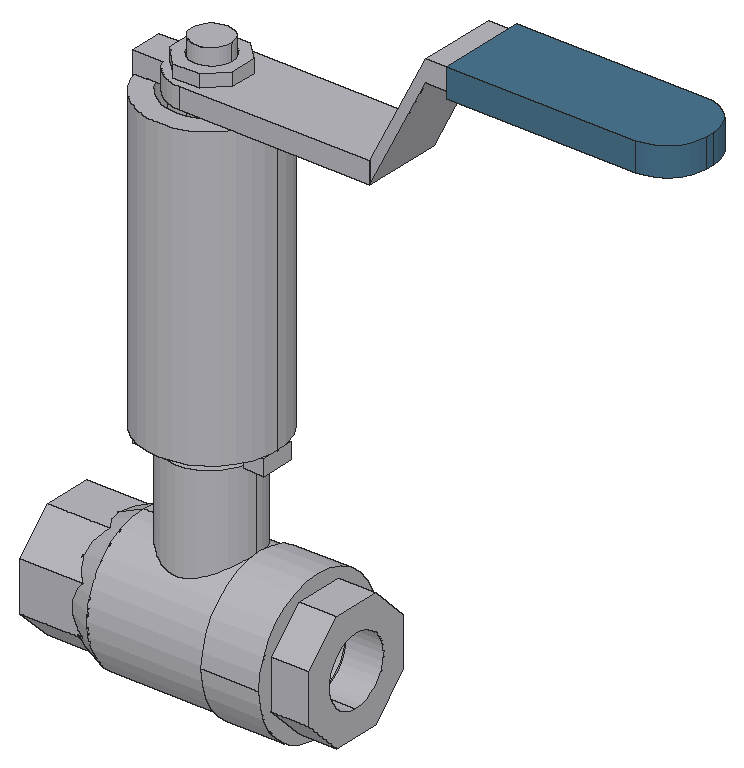
Revit family "200ASEK-Ball-Valve", category Pipe Accessories, Revit 2018
Family settings
  Round Connector Dimension = Use Diameter
  Part Type = Valve - Breaks Into
  OmniClass Number = 23.60.30.11.14
  OmniClass Title = Pipework Fittings
  Work Plane-Based = No
  Always vertical = Yes
  Cut with Voids When Loaded = No
  Shared = No
Parameters
  Weight [instance] = size_lookup(LookupTable, "Weight", "NA", Nominal Diameter)  # "0.73 lbs."
  URL = "http://fnw.com"
  Standards Lookup Table = "Standards"  # constant formula
  Product ID Handle [instance] = size_lookup(LookupTable, "ProductIDHandle", "NA", Nominal Diameter)  # "4448714"
  Product ID [instance] = size_lookup(LookupTable, "ProductID", "NA", Nominal Diameter)  # "4106091"
  Pipe Diameter [instance] = size_lookup(Standards Lookup Table, "pipe_dia", 0", Nominal Diameter)  # 0.54"
  Pin [instance] = [1_Z3] + [1_Z2] + Z3 + 1/8"  # 2.75296"
  Piipe Radius [instance] = Pipe Diameter / 2  # 0.27"
  Part Number Handle [instance] = size_lookup(LookupTable, "PartNumberHandle", "NA", Nominal Diameter)  # "FNW310ASEKBD"
  Part Number [instance] = size_lookup(LookupTable, "PartNumber", "NA", Nominal Diameter)  # "FNW200AB"
  NPT Insert [instance] = size_lookup(Standards Lookup Table, "NPT_insert", 0", Nominal Diameter)  # 0.4018"
  Manufacturer = "FNW"  # constant formula
  Description BOM Handle [instance] = size_lookup(LookupTable, "Description_BOMHandle", "NA", Nominal Diameter)  # "1/4 - 1/2 STEM Extension Kit Kit 200A/310"
  Description BOM [instance] = size_lookup(LookupTable, "Description_BOM", "NA", Nominal Diameter)  # "1/4 Stainless Steel 1000# Threaded 2 Piece Full Port BV"
  1_Z5 [instance] = size_lookup(LookupTable, "1_Z5", 0", Nominal Diameter)  # 1/4"
  1_Z4 [instance] = size_lookup(LookupTable, "1_Z4", 0", Nominal Diameter)  # 1/8"
  1_Z3 [instance] = size_lookup(LookupTable, "1_Z3", 0", Nominal Diameter)  # 2.362"
  1_Z2 [instance] = size_lookup(LookupTable, "1_Z2", 0", Nominal Diameter)  # 0.1644"
  1_Z1 [instance] = size_lookup(LookupTable, "1_Z1", 0", Nominal Diameter)  # 0.7754"
  Z3 [instance] = size_lookup(LookupTable, "Z3", 0", Nominal Diameter)  # 13/128"
  Z2 [instance] = size_lookup(LookupTable, "Z2", 0", Nominal Diameter)  # 1.3402"
  Z1 [instance] = size_lookup(LookupTable, "Z1", 0", Nominal Diameter)  # 1.2152"
  1_Y1 [instance] = size_lookup(LookupTable, "1_Y1", 0", Nominal Diameter)  # 5/8"
  1_X4 [instance] = size_lookup(LookupTable, "1_X4", 0", Nominal Diameter)  # 5/16"
  1_X1 [instance] = size_lookup(LookupTable, "1_X1", 0", Nominal Diameter)  # 0.8769"
  1_X3 [instance] = size_lookup(LookupTable, "1_X3", 0", Nominal Diameter)  # 3.937"
  X7 [instance] = size_lookup(LookupTable, "X7", 0", Nominal Diameter)  # 1.14"
  X6 [instance] = size_lookup(LookupTable, "X6", 0", Nominal Diameter)  # 2.28"
  X5 [instance] = size_lookup(LookupTable, "X5", 0", Nominal Diameter)  # 0.30135"
  X4 [instance] = size_lookup(LookupTable, "X4", 0", Nominal Diameter)  # 0.456"
  X3 [instance] = size_lookup(LookupTable, "X3", 0", Nominal Diameter)  # 0.92085"
  X2 [instance] = size_lookup(LookupTable, "X2", 0", Nominal Diameter)  # 0.2"
  1_X2 [instance] = size_lookup(LookupTable, "1_X2", 0", Nominal Diameter)  # 0.43845"
  X1 [instance] = size_lookup(LookupTable, "X1", 0", Nominal Diameter)  # 0.4018"
  Show Lever Clearance [instance] = no
  R3 [instance] = size_lookup(LookupTable, "R3", 0", Nominal Diameter)  # 0.58125"
  R2 [instance] = size_lookup(LookupTable, "R2", 0", Nominal Diameter)  # 0.558"
  R1_Diam [instance] = R1 * 2  # 0.93"
  R1 [instance] = size_lookup(LookupTable, "R1", 0", Nominal Diameter)  # 0.465"
  Nominal Radius [instance] = Nominal Diameter / 2  # 1/8"
  Nominal Diameter [instance] = 1/4"
  LookupTable = "valve_ball_threaded_2P_ex"
  HexAngle1 [instance] = 135.00°
  D3 [instance] = size_lookup(LookupTable, "D3", 0", Nominal Diameter)  # 1/2"
  D2 [instance] = size_lookup(LookupTable, "D2", 0", Nominal Diameter)  # 5/16"
  D1 [instance] = size_lookup(LookupTable, "D1", 0", Nominal Diameter)  # 0.7125"
  1_D1 [instance] = size_lookup(LookupTable, "1_D1", 0", Nominal Diameter)  # 1.0413"
Reference planes (in)
  plane 1 "Center (Front/Back)": y = 0
  plane 2: z = 0
  plane 3 "Center (Left/Right)": x = 0
  plane 4 "X7 End": x = -1.14
  plane 5 "D1 Top": z = 1.2152
  plane 6 "D2 Top": z = 1.3402
  plane 7: x = -0.7382
  plane 8: x = -0.5382
  plane 9: x = 0.38265
  plane 10 "Face EXT": x = 0.83865
  plane 11: x = 1.14
  plane 12 "R3 Top": z = 0.58125
  plane 13 "R2 Top": z = 0.558
  plane 14 "R1 Top": z = 0.465
  plane 15: x = 1.14
  plane 16 "Pipe radius": z = 0.27
  plane 17 "NPT": x = -0.7382
  plane 18 "NPT 2": x = 0.7382
  plane 19: z = 4.09316
Forms (in)
  Extrusion 1, solid, material "Steel, Stainless"
    sketch origin (0, 0, 0) x (1, 0, 0) y (0, 1, 0)
      loop
        circle (0, 0) r 0.15625
    from 1.2152 to 4.09316
  Revolve 2, solid, material "Steel, Stainless"
    sketch origin (0, 0, 0) x (1, 0, 0) y (0, 0, 1)
      loop
        line (-0.7382, 0.465) -> (-0.7382, 0.27) -> (0.38265, 0.27) -> (0.38265, 0.558) -> (-0.5382, 0.558) -> (-0.7382, 0.465)
      axis (0.38265, 0) -> (-0.7382, 0)
    angle from 0 to 360
  Sweep 3, solid, material "Steel, Stainless"
    path origin (0, 0, 0) x (1, 0, 0) y (0, 0, 1)
      loop
        line (-1.14, 0) -> (1.14, 0)
    profile origin (0, 0, 0) x (0, 0, 1) y (0, -1, 0)
      loop
        circle (0, 0) r 0.27
      loop
        line (0.19261, 0.465) -> (-0.19261, 0.465) -> (-0.465, 0.19261) -> (-0.465, -0.19261) -> (-0.19261, -0.465) -> (0.19261, -0.465) -> (0.465, -0.19261) -> (0.465, 0.19261) -> (0.19261, 0.465)
  Extrusion 4, solid, material "Steel, Stainless"
    sketch origin (0, 0, 0) x (0, 1, 0) y (0, 0, 1)
      loop
        circle (0, 0) r 0.58125
      loop
        circle (0, 0) r 0.27
    from 0.38265 to 0.83865
  Extrusion 5, solid, material "Steel, Stainless"
    sketch origin (0, 0, 0.27) x (-1, 0, 0) y (0, -1, 0)
      loop
        circle (0, 0) r 0.35625
    from 0 to 0.9452
  Extrusion 6, solid, material "Steel, Stainless", not visible
    sketch origin (-0.7382, 0, 0) x (0, 0, 1) y (0, -1, 0)
      loop
        circle (0, 0) r 0.125
    from 0 to 1.4764
Dimensions and locks (in)
  "X7": plane 4 "X7 End" to plane 3 "Center (Left/Right)"
  "Z1": plane 5 "D1 Top" to plane 2
  "Z2": plane 6 "D2 Top" to plane 2
  "X1": plane 4 "X7 End" to plane 7
  "X2": plane 8 to plane 7
  "X3": plane 9 to plane 8
  "X4": plane 10 "Face EXT" to plane 9
  "X5": plane 11 to plane 10 "Face EXT"
  "R3": plane 12 "R3 Top" to plane 2
  "R2": plane 13 "R2 Top" to plane 2
  "R1": plane 14 "R1 Top" to plane 2
  "Piipe Radius": Revolve 2 sketch curve to plane 2
  "X6": plane 4 "X7 End" to plane 15
  equal spacing: Sweep 3 sketch curve, plane 1 "Center (Front/Back)", Sweep 3 sketch curve  (x4)
  "R1_Diam": Sweep 3 sketch curve to Sweep 3 sketch curve  (x4)
  Sweep 3 to Sweep 3 = 0.93"  (x5)
  "R1_Diam": Sweep 3 to Sweep 3  (x4)
  "Piipe Radius": plane 16 "Pipe radius" to plane 2
  "NPT Insert": plane 4 "X7 End" to plane 17 "NPT"
  "NPT Insert": plane 11 to plane 18 "NPT 2"
  "Pin": plane 19 to plane 6 "D2 Top"
  "D2": diameter of Extrusion 1 sketch curve
  "R3": radius of Extrusion 4 sketch curve
  "Piipe Radius": radius of Extrusion 4 sketch curve
  "Piipe Radius": radius of Sweep 3 sketch curve
  radius of Sweep 3 sketch curve = 0.27"
  "D1": diameter of Extrusion 5 sketch curve
  "Nominal Radius": radius of Extrusion 6 sketch curve
  angle Sweep 3 sketch curve to Sweep 3 sketch curve = 135.00°  (x6)
  angle Sweep 3 to Sweep 3 = 135.00°  (x6)
  aligned and locked: plane 2 to level
  aligned and locked: Extrusion 1 to plane 5 "D1 Top"
  aligned and locked: Revolve 2 sketch curve to plane 13 "R2 Top"
  aligned and locked: plane 7 to Revolve 2 sketch curve
  aligned and locked: Extrusion 4 to plane 9
  aligned and locked: plane 10 "Face EXT" to Extrusion 4
  aligned and locked: Sweep 3 sketch curve to level
  aligned and locked: plane 5 "D1 Top" to Extrusion 5
  aligned and locked: plane 18 "NPT 2" to Extrusion 6
  aligned and locked: plane 19 to Extrusion 1
Automatic sketch dimensions
  plane 4 "X7 End" to Sweep 3 sketch curve = 0"
  Sweep 3 sketch curve to plane 11 = 0"
  plane 1 "Center (Front/Back)" to Extrusion 1 sketch curve = 0"
  Extrusion 1 sketch curve to plane 3 "Center (Left/Right)" = 0"
  Revolve 2 sketch curve to level = 0"
  Revolve 2 sketch curve to plane 8 = 0"
  Revolve 2 sketch curve to plane 9 = 0"
  Revolve 2 sketch curve to plane 14 "R1 Top" = 0"
  plane 4 "X7 End" to Revolve 2 sketch curve = 1.81248"
  plane 11 to Revolve 2 sketch curve = 4.72422"
  Sweep 3 sketch curve to plane 1 "Center (Front/Back)" = 0"
  profile plane to Sweep 3 sketch curve = 0"
  Extrusion 4 sketch curve to Extrusion 4 sketch curve = 0"  (x2)
  Extrusion 4 sketch curve to level = 0"
  Extrusion 4 sketch curve to plane 1 "Center (Front/Back)" = 0"
  plane 1 "Center (Front/Back)" to Extrusion 5 sketch curve = 0"
  Extrusion 5 sketch curve to plane 3 "Center (Left/Right)" = 0"
  Extrusion 6 sketch curve to level = 0"
  Extrusion 6 sketch curve to plane 1 "Center (Front/Back)" = 0"
Nested families (in)
  nested 1: "Nested Lever Ex 200ASEK" at (0, 0, 1.3402), D3 <- "D3", Z6 <- "Z3", 1_X1 <- "1_X1", 1_X2 <- "1_X2", 1_X3 <- "1_X3", 1_Y1 <- "1_Y1", 1_Z1 <- "1_Z1", 1_Z2 <- "1_Z2", Show Lever Clearance <- "Show Lever Clearance", Description BOM <- "Description BOM Handle", Part Number <- "Part Number Handle", Product ID <- "Product ID Handle", Z3 <- "Z3", 1_Z3 <- "1_Z3", 1_D1 <- "1_D1", 1_Z4 <- "1_Z4", 1_Z5 <- "1_Z5", type "Nested Lever Ex 200ASEK"
    with Zero 0", Z6 13/128", Z3 13/128", Z1_Z2 0.4699", Void_Outer_Radius 3/8", Void_Outer 3/4", Tab_Width 3/8", Tab_Height_Center 0.3877", Show Lever Clearance no, Product ID "4448714", Part Number "FNW310ASEKBD", Lock_Tab_Width 7/8", Lock Tab 1/2", Hypotenuse_Tab_Center 0.44539", Grip_L3 0.2269", Grip_L2 0.19565", Grip_L1 1/32", Description BOM "1/4 - 1/2 STEM Extension Kit Kit 200A/310", D3_Half 0.16667", D3 1/2", Clearance Hieght 6", Angle Hex Head 135.00°, Ang_Constraint 39.81°, 1_Z5 1/4", 1_Z4 1/8", 1_Z3 2.362", 1_Z2_Half 0.0822", 1_Z2 0.1644", 1_Z1_Quarter 0.27605", 1_Z1 0.7754", 1_Y1_Half 5/16", 1_Y1 5/8", 1_X3 3.937", 1_X2_Quarter 0.10961", 1_X2_Half 0.21923", 1_X2 0.43845", 1_X1 0.8769", 1_D1_Half 0.52065", 1_D1 1.0413", 0Grip 2 1/8"
Connectors (in)
  piping at (-0.7382, 0, 0), diameter 0.25, driven by "Nominal Diameter"
    settings: on Extrusion 6, index 1, connector inside diameter 24", connector length 0", flow factor 0, pipe flow 0 GPM, pressure drop 0.00 psi, fitting loss kfactor 0, connector angle 0.00°, fixture units 0, engagement length 0", angle of deflection 0.00°, flow configuration 0, flow direction 0, fitting loss method 0, system type 7, joint type 0, gender type 0, connector reference index 2, connector utility 0, adjustable connector no, is connector primary yes, connector description ""
  piping at (0.7382, 0, 0), diameter 0.25, driven by "Nominal Diameter"
    settings: on Extrusion 6, index 2, connector inside diameter 24", connector length 0", flow factor 0, pipe flow 0 GPM, pressure drop 0.00 psi, fitting loss kfactor 0, connector angle 0.00°, fixture units 0, engagement length 0", angle of deflection 0.00°, flow configuration 0, flow direction 0, fitting loss method 0, system type 7, joint type 0, gender type 0, connector reference index 1, connector utility 0, adjustable connector no, is connector primary no, connector description ""
Definition of nested family "Nested Lever Ex 200ASEK"
  Parameters (values of type "Nested Lever Ex")
    Zero [instance] = 0"  # constant formula
    Z6 [instance] = 1/8"
    Z3 [instance] = 1/8"
    Z1_Z2 [instance] = ([1_Z1] + [1_Z2]) / 2  # 11/16"
    Tab_Width [instance] = [1_Y1_Half] + (Grip_L1 * 2)  # 1 1/16"
    Tab_Height_Center [instance] = [1_Z1] / 2  # 5/8"
    Product ID [instance] = ""
    Part Number [instance] = ""
    Lock_Tab_Width [instance] = [1_Y1] + 1/4"  # 2 1/4"
    Lock Tab [instance] = 1/2"  # constant formula
    Hypotenuse_Tab_Center [instance] = sqrt(Tab_Height_Center ^ 2 + [1_X2_Half] ^ 2)  # 0.97628"
    Description BOM [instance] = ""
    Angle 2 = 45.00°
    Ang_Constraint [instance] = 39.81°  # constant formula
    1_Z5 [instance] = 0.69253"
    1_Z4 [instance] = 0.31083"
    1_Z3 [instance] = 4.14213"
    1_Z2 [instance] = 1/8"
    1_Z1_Quarter [instance] = [1_Z1] / 4 + ([1_Z2_Half])  # 3/8"
    1_Z1 [instance] = 1 1/4"
    1_Y1_Half [instance] = [1_Y1] / 2  # 1"
    1_Y1 [instance] = 2"
    1_X3 [instance] = 15.65095"
    1_X2_Quarter [instance] = [1_X2] / 4  # 3/8"
    1_X2_Half [instance] = [1_X2] / 2  # 3/4"
    1_X1 [instance] = 2 1/2"
    1_X2 [instance] = 1 1/2"
    Void_Outer_Radius [instance] = Void_Outer / 2  # 1 1/16"
    Void_Outer [instance] = [1_Y1] + Grip_L1 * 4  # 2 1/8"
    Show Lever Clearance [instance] = yes
    Grip_L3 [instance] = Grip_L1 + Grip_L2  # 3/16"
    Grip_L1 [instance] = 1/32"  # constant formula
    Grip_L2 [instance] = [1_Z2] + Grip_L1  # 5/32"
    Default Elevation = 48"
    D3_Half [instance] = D3 / 3  # 0.23251"
    D3 [instance] = 0.69752"
    Clearance Hieght [instance] = 6"  # constant formula
    Angle Hex Head [instance] = 135.00°
    1_Z2_Half [instance] = [1_Z2] / 2  # 1/16"
    1_D1_Half [instance] = [1_D1] / 2  # 1"
    1_D1 [instance] = 2"
    0Grip [instance] = 2 1/8"  # constant formula
  Reference planes (in)
    plane 1 "Center (Front/Back)": y = 0
    plane 2: z = 0
    plane 3 "Center (Left/Right)": x = 0
    plane 4: y = 1
    plane 5: y = -1
    plane 6: y = 1.03125
    plane 7: y = -1.03125
    plane 8: y = 0.5
    plane 9: y = -0.5
    plane 10: x = 2.25
    plane 11: z = 4.26713
    plane 12: x = 15.65095
    plane 13: x = 1.5
    plane 14: x = 3
    plane 15: z = 5.64213
    plane 16: z = 5.51713
    plane 17: z = 4.39213
    plane 18: z = 5.67338
    plane 19: z = 5.48588
    plane 20: x = 3.15625
    plane 21: z = 3.76713
    plane 22: x = -1.125
    plane 23: x = 0.23251
    plane 24: x = 1
    plane 25: x = -1
    plane 26: z = -0.69253
    plane 27: z = -0.31083
    plane 28 "Lever Base": z = 4.14213
    plane 29: y = 0.133
    plane 30: y = -0.133
  Forms (in)
    Extrusion 1, solid
      sketch origin (0, 0, 0) x (1, 0, 0) y (0, 1, 0)
        loop
          line (-48, 48) -> (-48, -48) -> (48, -48) -> (48, 48) -> (-48, 48)
      from 0 to -12
    Extrusion 2, solid
      sketch origin (0, 0, 8.25) x (1, 0, 0) y (0, 0, 1)
        loop
          line (1.5, -3.98287) -> (1.5, -4.10787) -> (3, -2.73287) -> (4.15625, -2.73287) -> (4.15625, -2.60787) -> (3, -2.60787) -> (1.5, -3.98287)
      from -1 to 1
    Extrusion 3, solid
      sketch origin (0, 0, 8.25) x (1, 0, 0) y (0, 1, 0)
        loop
          line (0.34876, 0.14446) -> (0.14446, 0.34876) -> (-0.14446, 0.34876) -> (-0.34876, 0.14446) -> (-0.34876, -0.14446) -> (-0.14446, -0.34876) -> (0.14446, -0.34876) -> (0.34876, -0.14446) -> (0.34876, 0.14446)
        loop
          circle (0, 0) r 0.23251
      from -3.98287 to -3.85787
    Extrusion 4, solid
      sketch origin (0, 0, 8.25) x (1, 0, 0) y (0, 1, 0)
        loop
          line (14.65095, 1.03125) -> (3.15625, 1.03125) -> (3.15625, -1.03125) -> (14.65095, -1.03125)
          arc (14.65095, -1.03125) -> (15.35806, -0.73836) -> (15.65095, -0.03125) r 1
          line (15.65095, -0.03125) -> (15.65095, 0.03125)
          arc (15.65095, 0.03125) -> (15.35806, 0.73836) -> (14.65095, 1.03125) r 1
      from -2.76412 to -2.57662
    Extrusion 5, solid, visible <- "Show Lever Clearance"
      sketch origin (2.98898, 0, 4.14213) x (0, 1, 0) y (-1, 0, 0)
        loop
          line (1, 1) -> (-12.66198, 1)
          arc (-12.66198, 1) -> (-8.66048, -8.66048) -> (1, -12.66198) r 13.66198
          line (1, -12.66198) -> (1, 1)
      from 0 to 6 <- "Clearance Hieght"
    Extrusion 6, solid
      sketch origin (0, 0, 8.25) x (1, 0, 0) y (0, 1, 0)
        loop
          line (1.5, -1) -> (1.5, 1) -> (0, 1) -> (0, -1) -> (1.5, -1)
      from -4.10787 to -3.98287
    Revolve 7, solid
      sketch origin (0, 0, 0) x (1, 0, 0) y (0, 0, 1)
        loop
          line (0, 0) -> (1, 0) -> (1, 4.14213) -> (0.875, 4.14213) -> (0.875, 0.28036) -> (0, 0.28036) -> (0, 0)
        axis (0, 4.14213) -> (0, 0)
      angle from 0 to 360
    Extrusion 8, solid
      sketch origin (0, 0, 0) x (1, 0, 0) y (0, 1, 0)
        loop
          line (-1, 0.133) -> (-1, -0.133) -> (-0.875, -0.133) -> (-0.875, 0.133) -> (-1, 0.133)
      from -0.69253 to 0
    Extrusion 9, solid
      sketch origin (0, 0, 0) x (1, 0, 0) y (0, 1, 0)
        loop
          line (-1, 0.133) -> (-1, -0.133) -> (-0.875, -0.133) -> (-0.875, 0.133) -> (-1, 0.133)
      from 3.64213 to 4.14213
    Extrusion 10, solid
      sketch origin (0, 0, 0) x (-1, 0, 0) y (0, -1, 0)
        loop
          line (-1, -0.133) -> (-0.875, -0.133) -> (-0.875, 0.133) -> (-1, 0.133) -> (-1, -0.133)
      from -0.31083 to 0
    Extrusion 11, solid
      sketch origin (0, 0, 0) x (1, 0, 0) y (0, 1, 0)
        loop
          circle (0, 0) r 1
      from 4.14213 to 4.26713
    Extrusion 12, solid
      sketch origin (0, 0, 4.14213) x (0, 1, 0) y (-1, 0, 0)
        loop
          line (0.133, 1) -> (-0.133, 1) -> (-0.133, 0) -> (0.133, 0) -> (0.133, 1)
      from 0 to 0.125
  Cuts and joins
    joined: Extrusion 6, Extrusion 9, Extrusion 11, Extrusion 12
  Lines and regions (in)
    reference lines
      curve 1: line (0, 0, 7.6637) -> (0, 0, 3.26713)
  Dimensions and locks (in)
    equal spacing: plane 4, plane 1 "Center (Front/Back)", plane 5
    "1_Y1": plane 4 to plane 5
    "Grip_L1": plane 5 to plane 7
    "Grip_L1": plane 6 to plane 4
    equal spacing: plane 9, plane 1 "Center (Front/Back)", plane 8
    "1_Y1_Half": plane 9 to plane 8
    "1_X3": plane 12 to plane 3 "Center (Left/Right)"
    "1_X2": plane 14 to plane 13
    "1_Z2": plane 15 to plane 16
    equal spacing: Extrusion 3 sketch curve, curve 1, Extrusion 3 sketch curve  (x4)
    "D3": Extrusion 3 sketch curve to Extrusion 3 sketch curve  (x4)
    "Grip_L1": plane 18 to plane 15
    "Grip_L2": plane 15 to plane 19
    "Grip_L2": plane 20 to plane 14
    Extrusion 5 sketch curve to Extrusion 5 sketch curve = 13.66198"  (x2)
    "D3_Half": plane 23 to plane 3 "Center (Left/Right)"
    equal spacing: plane 25, plane 3 "Center (Left/Right)", plane 24
    "1_D1": plane 25 to plane 24
    "1_Z4": plane 27 to plane 2
    "1_Z5": plane 26 to plane 2
    "Lock Tab": plane 21 to plane 11
    "1_Z3": plane 2 to plane 28 "Lever Base"
    "1_Z2": Revolve 7 sketch curve to plane 24
    equal spacing: Extrusion 8 sketch curve, plane 1 "Center (Front/Back)", Extrusion 8 sketch curve
    Extrusion 8 sketch curve to Extrusion 8 sketch curve = 0.26599"
    "1_Z2": plane 25 to Extrusion 8 sketch curve
    Extrusion 9 sketch curve to Extrusion 9 sketch curve = 0.26599"  (x2)
    "Lock Tab": plane 28 "Lever Base" to Extrusion 9
    "1_Z2": plane 28 "Lever Base" to plane 11
    "Z3": plane 11 to plane 17
    "1_Z1": plane 17 to plane 15
    Extrusion 10 sketch curve to Extrusion 10 sketch curve = 0.26599"  (x2)
    "1_Z2": Extrusion 10 to plane 24
    plane 12 to plane 3 "Center (Left/Right)" = 15.65095"
    "1_Z2": plane 15 to Extrusion 2
    equal spacing: plane 29, plane 1 "Center (Front/Back)", plane 30
    "D3_Half": radius of Extrusion 3 sketch curve
    "1_Y1_Half": radius of Extrusion 4 sketch curve  (x2)
    radius of Extrusion 5 sketch curve = 13.66198"
    "1_Y1_Half": radius of Extrusion 11 sketch curve
    "Angle Hex Head": angle Extrusion 3 sketch curve to Extrusion 3 sketch curve  (x6)
    aligned and locked: plane 2 to Extrusion 1
    aligned and locked: level to Extrusion 1
    aligned and locked: plane 14 to Extrusion 2 sketch curve
    aligned and locked: plane 16 to Extrusion 2 sketch curve
    aligned and locked: plane 15 to Extrusion 2 sketch curve
    aligned and locked: curve 1 to plane 3 "Center (Left/Right)"
    aligned and locked: plane 11 to Extrusion 3
    aligned and locked: Extrusion 3 to plane 17
    aligned and locked: Extrusion 4 sketch curve to plane 20
    aligned and locked: Extrusion 4 to plane 19
    aligned and locked: Extrusion 4 to plane 18
    aligned and locked: plane 13 to Extrusion 2 sketch curve
    aligned and locked: plane 13 to Extrusion 6 sketch curve
    aligned and locked: plane 24 to Revolve 7 sketch curve
    aligned and locked: Extrusion 8 to plane 26
    aligned and locked: plane 28 "Lever Base" to Extrusion 9
    aligned and locked: plane 27 to Extrusion 10
    aligned and locked: plane 12 to Extrusion 5
    aligned and locked: plane 4 to Extrusion 2
    aligned and locked: Extrusion 2 to plane 5
    aligned and locked: plane 4 to Extrusion 6 sketch curve
    aligned and locked: plane 5 to Extrusion 6 sketch curve
    aligned and locked: Extrusion 6 to plane 3 "Center (Left/Right)"
    aligned and locked: Extrusion 11 to plane 11
    aligned and locked: Extrusion 11 to Extrusion 5
    aligned and locked: Extrusion 6 to Extrusion 5
    aligned and locked: Extrusion 6 to plane 11
    aligned and locked: Extrusion 12 sketch curve to plane 25
    aligned and locked: Extrusion 12 to plane 11
    aligned and locked: Revolve 7 to plane 28 "Lever Base"
  Automatic sketch dimensions
    Extrusion 1 sketch curve to Extrusion 1 sketch curve = 96"  (x2)
    plane 21 to curve 1 = 1/2"
    plane 18 to curve 1 = 1.99032"
    Extrusion 9 sketch curve to plane 25 = 0"
    Extrusion 9 sketch curve to Extrusion 9 sketch curve = 1/8"
    plane 1 "Center (Front/Back)" to Extrusion 9 sketch curve = 0.133"
    Extrusion 10 sketch curve to plane 24 = 0"
    Extrusion 10 sketch curve to Extrusion 10 sketch curve = 1/8"
    Extrusion 10 sketch curve to plane 1 "Center (Front/Back)" = 0.133"
    Extrusion 5 sketch curve to plane 25 = 2.98898"
    Extrusion 5 sketch curve to plane 4 = 0"
    Extrusion 6 sketch curve to plane 25 = 1"
    Extrusion 12 sketch curve to plane 30 = 0"
    plane 29 to Extrusion 12 sketch curve = 0"
    Extrusion 12 sketch curve to plane 3 "Center (Left/Right)" = 0"
    Extrusion 2 sketch curve to plane 14 = 0"
    Extrusion 2 sketch curve to plane 28 "Lever Base" = 0"
    Extrusion 2 sketch curve to plane 11 = 0"
    plane 20 to Extrusion 2 sketch curve = 1"
    plane 1 "Center (Front/Back)" to Extrusion 3 sketch curve = 0"
    Extrusion 3 sketch curve to plane 3 "Center (Left/Right)" = 0"
    plane 6 to Extrusion 4 sketch curve = 0"
    plane 7 to Extrusion 4 sketch curve = 0"
    Extrusion 4 sketch curve to plane 12 = 0"
    Revolve 7 sketch curve to plane 3 "Center (Left/Right)" = 0"  (x2)
    Revolve 7 sketch curve to level = 0"
    Revolve 7 sketch curve to plane 28 "Lever Base" = 0"
    level to Revolve 7 sketch curve = 0.28036"
    Revolve 7 sketch curve to plane 26 = 2.83452"
    plane 21 to Revolve 7 sketch curve = 3/4"
    Extrusion 8 sketch curve to plane 25 = 0"
    plane 1 "Center (Front/Back)" to Extrusion 11 sketch curve = 0"
    Extrusion 11 sketch curve to plane 3 "Center (Left/Right)" = 0"
